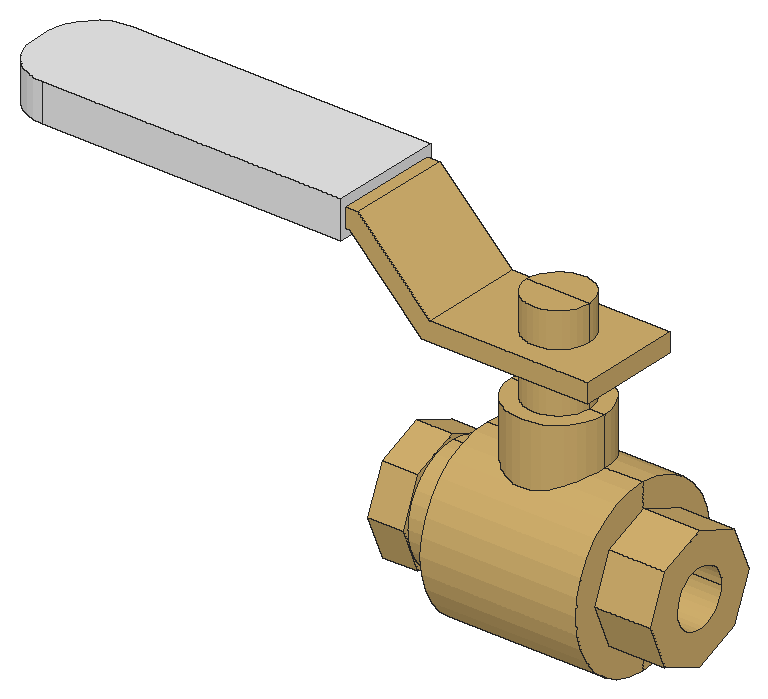
Revit family "Ball_Valve-NPT-Full_Port-WATTS-LFB6090_Series.rfaxxx", category Pipe Accessories, Revit 2021
Family settings
  Round Connector Dimension = Use Diameter
  Part Type = Valve - Breaks Into
  OmniClass Number = 23.65.55.14
  OmniClass Title = Valves for Liquid Services
  Work Plane-Based = Yes
  Always vertical = No
  Cut with Voids When Loaded = No
  Shared = Yes
Parameters (values of type "3/8 LFB6090")
  NPT Outlet Connection Description = if(Connection Diameter = 1/4", "1/4-in NPT Outlet Connection", if(Connection Diameter = 3/8", "3/8-in NPT Outlet Connection", if(Connection Diameter = 1/2", "1/2-in NPT Outlet Connection", if(Connection Diameter = 3/4", "3/4-in NPT Outlet Connection", if(Connection Diameter = 1", "1-in NPT Outlet Connection", if(Connection Diameter = 1 1/4", "1 1/4-in NPT Outlet Connection", if(Connection Diameter = 1 1/2", "1 1/2-in NPT Outlet Connection", "2-in NPT Outlet Connection")))))))  # "3/8-in NPT Outlet Connection"
  NPT Inlet Connection Description = if(Connection Diameter = 1/4", "1/4-in NPT Inlet Connection", if(Connection Diameter = 3/8", "3/8-in NPT Inlet Connection", if(Connection Diameter = 1/2", "1/2-in NPT Inlet Connection", if(Connection Diameter = 3/4", "3/4-in NPT Inlet Connection", if(Connection Diameter = 1", "1-in NPT Inlet Connection", if(Connection Diameter = 1 1/4", "1 1/4-in NPT Inlet Connection", if(Connection Diameter = 1 1/2", "1 1/2-in NPT Inlet Connection", "2-in NPT Inlet Connection")))))))  # "3/8-in NPT Inlet Connection"
  Finish- Handle = Plastic-WATTS-White
  Connection Diameter = 3/8"
  Bolt_Hex = I * 1.5  # 3/4"
  Body Length = if(LFB6090 NPT, L / 5, 0")  # 3/8"
  Valve Diameter = if(Connection Diameter = 3/4", 1 143/256", if(Connection Diameter = 1", 1 105/128", if(Connection Diameter = 1 1/4", 2 67/256", if(Connection Diameter = 1 1/2", 2 169/256", if(Connection Diameter = 2", 3 97/256", 1 31/256")))))  # 1 31/256"
  Weight Lbs = "0.4"
  URL = "http://www.watts.com"
  Tempered Water Connection = yes
  Temperature Range = "0°F - 400°F (-18°C – 205°C) @ 50psi (3.4 bar)"  # constant formula
  Stem Extension = "1/4\"-1/2\" 6090/6091"
  Stem Diameter = if(Connection Diameter = 3/4", 3/4", if(Connection Diameter = 1", 119/128", if(Connection Diameter = 1 1/4", 233/256", if(Connection Diameter = 1 1/2", 123/128", if(Connection Diameter = 2", 123/128", 159/256")))))  # 159/256"
  Region = "North America"  # constant formula
  Product Page URL = "https://www.watts.com/products/plumbing-flow-control-solutions/shutoff-valves/ball-valves/lfb6090?qh=LFB6090"
  Product Documentation Link = "https://www.watts.com/dfsmedia/0533dbba17714b1ab581ab07a4cbb521/657270-source/es-lfb6090-lfb6091-2430"
  Price = "Prices may vary. Please consult Manufacturer Representative for most up-to-date price list."  # constant formula
  Pressure Range = "1⁄4-in to 2-in 600psi (41 bar) WOG, non-shock; 150psi (10.3 bar) WSP"  # constant formula
  Model = "3/8 LFB6090"
  Material = "Metal-WATTS-Lead Free Bronze"
  Manufacturer Product Line = "Ball Valves"  # constant formula
  Manufacturer = "WATTS"  # constant formula
  Locking Handle Kit = "#1 LL-HK LFB6090/LFB6091 1/4-1/2 LockingHandleKit"
  LFB6091 Solder = not(LFB6090 NPT)  # no
  LFB6090 NPT = 1 = 1  # yes
  L = 1 7/8"
  I = 1/2"
  Handle R = Stem Diameter / 2  # 0.31055"
  H = 3 7/16"
  Finish = Metal-WATTS-Lead Free Bronze
  Country = "United States"  # constant formula
  Description = "2-Piece, Full Port, Lead Free* Bronze Ball Valves"
  Default Elevation = 0"
  Creation Date = "02/20/2024"
  C = 1 13/16"
  Assembly Code = "D2090900"
Types (9): name | NPT Outlet Connection Description | NPT Inlet Connection Description | Connection Diameter | Bolt_Hex | Body Length | Valve Diameter | Weight Lbs | Stem Extension | Stem Diameter | Model | Locking Handle Kit | L | I | Handle R | H | C
  (no name) | "3/8-in NPT Outlet Connection" | "3/8-in NPT Inlet Connection" | 3/8" | 3/4" | 3/8" | 1 31/256" | "0.4" | "1/4\"-1/2\" 6090/6091" | 159/256" | "3/8 LFB6090" | "#1 LL-HK LFB6090/LFB6091 1/4-1/2 LockingHandleKit" | 1 7/8" | 1/2" | 0.31055" | 3 7/16" | 1 13/16"
  1/4 LFB6090 | "1/4-in NPT Outlet Connection" | "1/4-in NPT Inlet Connection" | 1/4" | 21/32" | 0.35" | 1 31/256" | "0.4" | "1/4\"-1/2\" 6090/6091" | 159/256" | "1/4 LFB6090" | "#1 LL-HK LFB6090/LFB6091 1/4-1/2 LockingHandleKit" | 1 3/4" | 7/16" | 0.31055" | 3 7/16" | 1 13/16"
  3/8 LFB6090 | "3/8-in NPT Outlet Connection" | "3/8-in NPT Inlet Connection" | 3/8" | 3/4" | 3/8" | 1 31/256" | "0.4" | "1/4\"-1/2\" 6090/6091" | 159/256" | "3/8 LFB6090" | "#1 LL-HK LFB6090/LFB6091 1/4-1/2 LockingHandleKit" | 1 7/8" | 1/2" | 0.31055" | 3 7/16" | 1 13/16"
  1/2 LFB6090 | "1/2-in NPT Outlet Connection" | "1/2-in NPT Inlet Connection" | 1/2" | 3/4" | 0.4" | 1 31/256" | "0.5" | "1/4\"-1/2\" 6090/6091" | 159/256" | "1/2 LFB6090" | "#1 LL-HK LFB6090/LFB6091 1/4-1/2 LockingHandleKit" | 2" | 1/2" | 0.31055" | 3 7/16" | 1 13/16"
  3/4 LFB6090 | "3/4-in NPT Outlet Connection" | "3/4-in NPT Inlet Connection" | 3/4" | 1 1/8" | 0.45" | 1 143/256" | "0.9" | "SKI-HK-9A Stem Extension" | 3/4" | "3/4 LFB6090" | "#2 LL-HK LFB6090/LFB6091 3/4 LockingHandleKit" | 2 1/4" | 3/4" | 3/8" | 3 15/16" | 2 1/4"
  1 LFB6090 | "1-in NPT Outlet Connection" | "1-in NPT Inlet Connection" | 1" | 1 1/2" | 0.6" | 1 105/128" | "1.4" | "SKI-HK-10A Stem Extension" | 119/128" | "1 LFB6090" | "#3 LL-HK LFB6090/LFB6091 1-1 1/4 LockingHandleKit" | 3" | 1" | 119/256" | 4 1/4" | 2 5/8"
  1 1/4 LFB6090 | "1 1/4-in NPT Outlet Connection" | "1 1/4-in NPT Inlet Connection" | 1 1/4" | 1 7/8" | 0.675" | 2 67/256" | "2.1" | "SKI-HK-10A Stem Extension" | 233/256" | "1 1/4 LFB6090" | "#3 LL-HK LFB6090/LFB6091 1-1 1/4 LockingHandleKit" | 3 3/8" | 1 1/4" | 0.45508" | 4 1/4" | 2 13/16"
  1 1/2 LFB6090 | "1 1/2-in NPT Outlet Connection" | "1 1/2-in NPT Inlet Connection" | 1 1/2" | 2 1/4" | 0.7375" | 2 169/256" | "3.1" | "SKI-HK-11A Stem Extension" | 123/128" | "1 1/2 LFB6090" | "#4 LL-HK LFB6090/LFB6091 1 1/2 LockingHandleKit" | 3 11/16" | 1 1/2" | 123/256" | 5 5/16" | 3 3/16"
  2 LFB6090 | "2-in NPT Outlet Connection" | "2-in NPT Inlet Connection" | 2" | 3" | 0.85" | 3 97/256" | "4.9" | "SKI-HK-5A Stem Extension" | 123/128" | "2 LFB6090" | "#5 LL-HK LFB6090/LFB6091 2 LockingHandleKit" | 4 1/4" | 2" | 123/256" | 6" | 3 1/2"
Reference planes (in)
  plane 1 "Center (Front/Back)": y = 0
  plane 2: z = 0
  plane 3 "Center (Left/Right)": x = 0
  plane 4: x = -0.9375
  plane 5: x = 0.9375
  plane 6 "C Top": z = 1.8125
  plane 7 "I Top": z = 0.25
  plane 8: z = -0.25
  plane 9: x = -3.4375
  plane 10: z = 1.20833
  plane 11: z = 0.60417
  plane 12: x = -0.31055
  plane 13: x = 0.31055
  plane 14: y = 0.31055
  plane 15: y = -0.31055
  plane 16: x = -2.29167
  plane 17: x = -1.14583
  plane 18: z = 0.56055
  plane 19: z = -0.56055
  plane 20: x = -0.70312
  plane 21: x = -0.46875
  plane 22: x = -0.23437
  plane 23: x = -0.20703
  plane 24: x = -0.10352
  plane 25: z = 1.5
  plane 26: z = 1.1875
  plane 27: z = 0.875
  plane 28: z = 0.5625
  plane 29: x = 0.5625
  plane 30: x = 0.1875
  plane 31: x = -0.5625
  plane 32: x = -0.1875
  plane 33: x = -0.70312
  plane 34: x = -0.23437
  plane 35: x = -0.46875
  plane 36: z = 0.375
  plane 37: z = -0.375
  plane 38: y = 0.56055
  plane 39: y = -0.56055
Forms (in)
  Revolve 1, solid, material "Metal-WATTS-Lead Free Bronze" <- "Finish"
    sketch origin (0, 0, 0) x (1, 0, 0) y (0, 0, 1)
      loop
        line (0.5625, 0.25) -> (0.5625, 0.56055) -> (-0.46875, 0.56055) -> (-0.46875, 0.375) -> (-0.70312, 0.375) -> (-0.70312, 0.25) -> (0.5625, 0.25)
      axis (0.5625, 0) -> (-0.70312, 0)
    angle from 0 to 360
  Sweep 2, solid, material "Plastic-WATTS-White" <- "Finish- Handle"
    path origin (0, 0, 0) x (1, 0, 0) y (0, 0, 1)
      loop
        line (-3.4375, 1.8125) -> (-3.4375, 1.5625)
    profile origin (-3.4375, 0, 1.6875) x (0, -1, 0) y (1, 0, 0)
      loop
        line (-0.37305, 2.29167) -> (-0.37305, 0.31055)
        arc (-0.37305, 0.31055) -> (-0.28209, 0.09096) -> (-0.0625, 0) r 0.31055
        line (-0.0625, 0) -> (0.0625, 0)
        arc (0.0625, 0) -> (0.28209, 0.09096) -> (0.37305, 0.31055) r 0.31055
        line (0.37305, 0.31055) -> (0.37305, 2.29167) -> (-0.37305, 2.29167)
  Sweep 3, solid, material "Metal-WATTS-Lead Free Bronze" <- "Finish"
    path origin (0, 0, 0) x (1, 0, 0) y (0, 0, 1)
      loop
        line (0.46875, 1.20833) -> (-0.60758, 1.20833) -> (-1.08675, 1.6875) -> (-1.6024, 1.6875)
    profile origin (-1.34457, 0, 1.6875) x (0, 0, -1) y (0, -1, 0)
      loop
        line (-0.0625, -0.3418) -> (0.0625, -0.3418) -> (0.0625, 0.3418) -> (-0.0625, 0.3418) -> (-0.0625, -0.3418)
  Revolve 4, solid, material "Metal-WATTS-Lead Free Bronze" <- "Finish"
    sketch origin (0, 0, 0) x (1, 0, 0) y (0, 0, 1)
      loop
        line (0, 1.5) -> (-0.20703, 1.5) -> (-0.20703, 0.875) -> (-0.31055, 0.875) -> (-0.31055, 0.25) -> (0, 0.25) -> (0, 1.5)
      axis (0, 1.5) -> (0, 0.25)
    angle from 0 to 360
  Sweep 5, solid, material "Metal-WATTS-Lead Free Bronze" <- "Finish", visible <- "LFB6090 NPT"
    path origin (0, 0, 0) x (1, 0, 0) y (0, 1, 0)
      loop
        line (-0.70312, 0) -> (-0.9375, 0)
    profile origin (-0.82031, 0, 0) x (0, -1, 0) y (0, 0, 1)
      loop
        line (0, 0.4059) -> (-0.28701, 0.28701) -> (-0.4059, 0) -> (-0.28701, -0.28701) -> (0, -0.4059) -> (0.28701, -0.28701) -> (0.4059, 0) -> (0.28701, 0.28701) -> (0, 0.4059)
      loop
        circle (0, 0) r 0.1875
  Sweep 6, solid, material "Metal-WATTS-Lead Free Bronze" <- "Finish", visible <- "LFB6090 NPT"
    path origin (0, 0, 0) x (-1, 0, 0) y (0, -1, 0)
      loop
        line (-0.5625, 0) -> (-0.9375, 0)
    profile origin (0.75, 0, 0) x (0, 1, 0) y (0, 0, 1)
      loop
        line (0, 0.4059) -> (-0.28701, 0.28701) -> (-0.4059, 0) -> (-0.28701, -0.28701) -> (0, -0.4059) -> (0.28701, -0.28701) -> (0.4059, 0) -> (0.28701, 0.28701) -> (0, 0.4059)
      loop
        circle (0, 0) r 0.1875
Cuts and joins
  joined: Revolve 1, Sweep 3, Revolve 4
Lines and regions (in)
  Masking region 1
    outline origin (0, 0, 0) x (1, 0, 0) y (0, 1, 0)
      loop
        line (-0.9375, 0.56055) -> (-0.9375, 0.37305) -> (-3.12695, 0.37305)
        arc (-3.12695, 0.37305) -> (-3.34654, 0.28209) -> (-3.4375, 0.0625) r 0.31055
        line (-3.4375, 0.0625) -> (-3.4375, -0.0625)
        arc (-3.4375, -0.0625) -> (-3.34654, -0.28209) -> (-3.12695, -0.37305) r 0.31055
        line (-3.12695, -0.37305) -> (-0.9375, -0.37305) -> (-0.9375, -0.56055) -> (0.5625, -0.56055) -> (0.5625, -0.4059) -> (0.9375, -0.4059) -> (0.9375, 0.4059) -> (0.5625, 0.4059) -> (0.5625, 0.56055) -> (-0.9375, 0.56055)
  symbolic lines, detail levels medium+fine
    curve 1: line (0.46875, -0.37305, 0) -> (0.46875, 0.37305, 0)
    curve 2: line (0.5625, 0.4059, 0) -> (0.5625, -0.4059, 0)
    curve 3: circle (0, 0, 0) r 0.20703 normal (0, 0, -1)
    curve 4: line (-0.9375, 0.37305, 0) -> (0.46875, 0.37305, 0)
    curve 5: line (-0.9375, -0.37305, 0) -> (0.46875, -0.37305, 0)
  symbolic lines, detail levels fine
    curve 6: line (0.9375, 0.28701, 0) -> (0.5625, 0.28701, 0)
    curve 7: line (0.9375, 0, 0) -> (0.5625, 0, 0)
    curve 8: line (0.9375, -0.28701, 0) -> (0.5625, -0.28701, 0)
Dimensions and locks (in)
  "C": plane 6 "C Top" to level
  equal spacing: plane 5, plane 3 "Center (Left/Right)", plane 4
  "L": plane 5 to plane 4
  equal spacing: plane 7 "I Top", level, plane 8
  "I": plane 7 "I Top" to plane 8
  "H": plane 3 "Center (Left/Right)" to plane 9
  locked: plane 6 "C Top" to Sweep 2 sketch curve at 0.25
  equal spacing: plane 6 "C Top", plane 10, plane 11, level
  equal spacing: Sweep 2, Sweep 3 sketch curve, Sweep 2
  locked: Sweep 2 to Sweep 3 sketch curve at 0.0625
  locked: plane 6 "C Top" to Sweep 3 sketch curve at 0.0625
  equal spacing: plane 13, plane 3 "Center (Left/Right)", plane 12
  "Stem Diameter": plane 13 to plane 12
  equal spacing: plane 15, plane 1 "Center (Front/Back)", plane 14
  "Stem Diameter": plane 15 to plane 14
  locked: plane 14 to Sweep 2 sketch curve at 0.0625
  locked: Sweep 2 sketch curve to plane 15 at 0.0625
  locked: Sweep 2 to Sweep 3 sketch curve at 0.03125
  locked: Sweep 3 sketch curve to Sweep 2 at 0.03125
  locked: Sweep 3 sketch curve to plane 3 "Center (Left/Right)" at 0.46875
  equal spacing: plane 9, plane 16, plane 17, plane 3 "Center (Left/Right)"
  equal spacing: plane 18, plane 2, plane 19
  "Valve Diameter": plane 18 to plane 19
  equal spacing: plane 3 "Center (Left/Right)", plane 24, plane 23, plane 12
  equal spacing: plane 6 "C Top", plane 25, plane 26, plane 27, plane 28, plane 7 "I Top"
  "Body Length": Revolve 1 sketch curve to plane 5
  equal spacing: Sweep 5 sketch curve, profile plane, Sweep 5 sketch curve  (x2)
  "Bolt_Hex": Sweep 5 sketch curve to Sweep 5 sketch curve  (x4)
  equal spacing: Sweep 5 sketch curve, plane 1 "Center (Front/Back)", Sweep 5 sketch curve  (x2)
  equal spacing: plane 5, plane 29, plane 30, plane 32, plane 31, plane 4
  equal spacing: Sweep 6 sketch curve, profile plane, Sweep 6 sketch curve  (x2)
  "Bolt_Hex": Sweep 6 sketch curve to Sweep 6 sketch curve  (x4)
  equal spacing: Sweep 6 sketch curve, plane 1 "Center (Front/Back)", Sweep 6 sketch curve  (x2)
  equal spacing: plane 3 "Center (Left/Right)", plane 34, plane 35, plane 33, plane 4
  equal spacing: plane 4, plane 20, plane 21, plane 22, plane 3 "Center (Left/Right)"
  equal spacing: plane 36, plane 2, plane 37
  "Bolt_Hex": plane 36 to plane 37
  equal spacing: plane 38, plane 1 "Center (Front/Back)", plane 39
  "Valve Diameter": plane 38 to plane 39
  "Handle R": radius of Sweep 2 sketch curve  (x2)
  "Connection Diameter": diameter of Sweep 5 sketch curve
  "Connection Diameter": diameter of Sweep 6 sketch curve
  locked: Sweep 3 sketch curve to Sweep 3 sketch curve (angle 45.00°)
  angle Sweep 5 sketch curve to Sweep 5 sketch curve = 135.00°
  locked: Sweep 5 sketch curve to Sweep 5 sketch curve (angle 135.00°)  (x7)
  locked: Sweep 6 sketch curve to Sweep 6 sketch curve (angle 135.00°)  (x7)
  angle Sweep 6 sketch curve to Sweep 6 sketch curve = 135.00°
  aligned and locked: Sweep 2 sketch curve to plane 9  (x2)
  aligned and locked: plane 6 "C Top" to Sweep 2 sketch curve
  aligned and locked: Sweep 3 sketch curve to plane 10
  aligned and locked: plane 3 "Center (Left/Right)" to Revolve 4 sketch curve
  aligned and locked: Revolve 4 sketch curve to plane 7 "I Top"
  aligned and locked: Revolve 4 sketch curve to plane 3 "Center (Left/Right)"
  aligned and locked: plane 17 to Sweep 2 sketch curve
  aligned and locked: plane 12 to Revolve 4 sketch curve
  aligned and locked: Revolve 1 sketch curve to plane 18
  aligned and locked: Sweep 5 sketch curve to plane 1 "Center (Front/Back)"
  aligned and locked: plane 4 to Sweep 5 sketch curve
  aligned and locked: plane 2 to Revolve 1 sketch curve
  aligned and locked: Sweep 5 sketch curve to plane 20
  aligned and locked: Revolve 4 sketch curve to plane 23
  aligned and locked: Revolve 4 sketch curve to plane 27
  aligned and locked: plane 25 to Revolve 4 sketch curve
  aligned and locked: plane 7 "I Top" to Revolve 1 sketch curve
  aligned and locked: plane 2 to Sweep 5 sketch curve
  aligned and locked: plane 1 "Center (Front/Back)" to Sweep 5 sketch curve
  aligned and locked: plane 29 to Sweep 6 sketch curve
  aligned and locked: plane 5 to Sweep 6 sketch curve
  aligned and locked: plane 33 to Revolve 1 sketch curve
  aligned and locked: Revolve 1 sketch curve to plane 35
  aligned and locked: Revolve 1 sketch curve to plane 36
  aligned and locked: Masking region 1 sketch curve to plane 38
  aligned and locked: Masking region 1 sketch curve to plane 39
  aligned and locked: Masking region 1 sketch curve to Sweep 6  (x2)
  aligned and locked: Masking region 1 sketch curve to cut or joined group of Revolve 1, Sweep 3, Revolve 4
  aligned and locked: cut or joined group of Revolve 1, Sweep 3, Revolve 4 to Masking region 1 sketch curve
  aligned and locked: plane 5 to Masking region 1 sketch curve
  aligned and locked: Masking region 1 sketch curve to Sweep 2  (x3)
  aligned and locked: Masking region 1 sketch curve to plane 4  (x2)
  aligned and locked: Sweep 2 to curve 1
  aligned and locked: curve 1 to Sweep 2
  aligned and locked: Masking region 1 to curve 2  (x2)
  aligned and locked: curve 2 to Masking region 1
  aligned and locked: curve 3 to cut or joined group of Revolve 1, Sweep 3, Revolve 4
  aligned and locked: Masking region 1 to curve 4  (x2)
  aligned and locked: Masking region 1 to curve 5
  aligned and locked: curve 5 to Masking region 1
  aligned and locked: curve 1 to cut or joined group of Revolve 1, Sweep 3, Revolve 4
  aligned and locked: Sweep 6 to curve 6
  aligned and locked: curve 8 to Sweep 6
  aligned and locked: curve 7 to Sweep 6
  aligned and locked: curve 2 to curve 6
  aligned and locked: Masking region 1 to curve 6
  aligned and locked: Masking region 1 to curve 7
  aligned and locked: Masking region 1 to curve 8
Automatic sketch dimensions
  Sweep 3 sketch curve to Sweep 3 sketch curve = 0.51565"
  Revolve 4 sketch curve to plane 25 = 0.1"
  Revolve 4 sketch curve to Revolve 4 sketch curve = 0.00015"
  Sweep 5 sketch curve to profile plane = 0"
  Sweep 6 sketch curve to level = 0"  (x3)
  Sweep 6 sketch curve to profile plane = 0"  (x2)
  plane 1 "Center (Front/Back)" to Sweep 6 sketch curve = 0"
  Revolve 1 sketch curve to plane 4 = 0.73278"
  plane 9 to Revolve 1 sketch curve = 0.76722"
Connectors (in)
  piping at (-0.9375, 0, 0), diameter 0.375, driven by "Connection Diameter", driven by "NPT Inlet Connection Description"
    settings: on Sweep 5, index 1, connector inside diameter 24", connector length 0", flow factor 0, pipe flow 0 GPM, pressure drop 0.00 psi, fitting loss kfactor 0, connector angle 0.00°, fixture units 0, engagement length 0", angle of deflection 0.00°, flow configuration 0, flow direction 1, fitting loss method 0, system type 29, joint type 0, gender type 0, connector reference index -1, connector utility 0, adjustable connector no, is connector primary yes, connector description "3/8-in NPT Inlet Connection"
  piping at (0.9375, 0, 0), diameter 0.375, driven by "Connection Diameter", driven by "NPT Outlet Connection Description"
    settings: on Sweep 6, index 2, connector inside diameter 24", connector length 0", flow factor 0, pipe flow 0 GPM, pressure drop 0.00 psi, fitting loss kfactor 0, connector angle 0.00°, fixture units 0, engagement length 0", angle of deflection 0.00°, flow configuration 0, flow direction 2, fitting loss method 0, system type 29, joint type 0, gender type 0, connector reference index -1, connector utility 0, adjustable connector no, is connector primary no, connector description "3/8-in NPT Outlet Connection"
